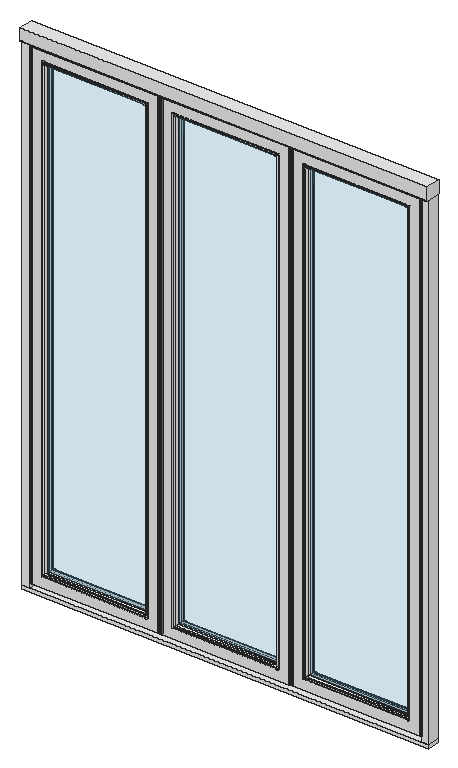
Revit family "Window-NanaWall-WA-67", category Windows, host Wall, Revit 2013 (continued)
Definition of nested family "Right-Jamb_WA-67"
  Definition of nested family "Right-Jamb_Nana_Walls-WD-67"
    Lines and regions (in)
      model lines, style "DetailComponents", in view "Ref. Level", visible <- "half"
        curve 358: line (-2.32283, -0.66779, 0) -> (-2.32283, -0.70716, 0)
        curve 359: line (-2.32283, -0.70716, 0) -> (-2.23736, -0.67605, 0)
        curve 360: line (-2.22441, -0.65755, 0) -> (-2.22441, -0.62842, 0)
        curve 361: line (-2.24409, -0.60874, 0) -> (-2.44094, -0.60874, 0)
        curve 362: line (-2.44094, -0.60874, 0) -> (-2.44094, -0.45203, 0)
        curve 363: line (-2.44094, -0.45203, 0) -> (-2.45276, -0.43157, 0)
        curve 364: line (-2.45276, -0.43157, 0) -> (-2.44094, -0.41111, 0)
        curve 365: line (-2.44094, -0.41111, 0) -> (-2.44094, -0.20152, 0)
        curve 366: line (-2.23736, 0.67905, 0) -> (-2.32283, 0.71016, 0)
        curve 367: line (-2.32283, 0.71016, 0) -> (-2.32283, 0.67079, 0)
        curve 368: line (-2.32283, 0.67079, 0) -> (-2.5, 0.67079, 0)
        curve 369: line (-2.5, 0.67079, 0) -> (-2.5, 0.76922, 0)
        curve 370: line (-2.44094, 0.20452, 0) -> (-2.44094, 0.41411, 0)
        curve 371: line (-2.44094, 0.41411, 0) -> (-2.45276, 0.43457, 0)
        curve 372: line (-2.45276, 0.43457, 0) -> (-2.44094, 0.45503, 0)
        curve 373: line (-2.44094, 0.45503, 0) -> (-2.44094, 0.61174, 0)
        curve 374: line (-2.44094, 0.61174, 0) -> (-2.24409, 0.61174, 0)
        curve 375: line (-2.22441, 0.63142, 0) -> (-2.22441, 0.66055, 0)
        curve 376: line (-2.51969, -0.25822, 0) -> (-2.51969, -0.62842, 0)
        curve 377: line (-2.51969, -0.62842, 0) -> (-2.65748, -0.62842, 0)
        curve 378: line (-2.65748, -0.80559, 0) -> (-2.53937, -0.80559, 0)
        curve 379: line (-2.69685, -0.66779, 0) -> (-2.53937, -0.66779, 0)
        curve 380: line (-2.53937, -0.66779, 0) -> (-2.53937, -0.76622, 0)
        curve 381: line (-2.53937, -0.76622, 0) -> (-2.61811, -0.76622, 0)
        curve 382: line (-2.65748, 0.63142, 0) -> (-2.51969, 0.63142, 0)
        curve 383: line (-2.51969, 0.63142, 0) -> (-2.51969, 0.26122, 0)
        curve 384: line (-2.66535, -0.19952, 0) -> (-2.66535, 0.20252, 0)
        curve 385: line (-2.73622, 0.27709, 0) -> (-2.73622, -0.27409, 0)
        curve 386: line (-2.47554, -0.11801, 0) -> (-2.49085, -0.10269, 0)
        curve 387: line (-2.69685, -0.31346, 0) -> (-2.68627, -0.31346, 0)
        curve 388: line (-2.49085, 0.10569, 0) -> (-2.47554, 0.12101, 0)
        curve 389: line (-2.68627, 0.31646, 0) -> (-2.69685, 0.31646, 0)
        curve 390: line (-2.53937, 0.80859, 0) -> (-2.65748, 0.80859, 0)
        curve 391: line (-2.61811, 0.76922, 0) -> (-2.53937, 0.76922, 0)
        curve 392: line (-2.53937, 0.76922, 0) -> (-2.53937, 0.67079, 0)
        curve 393: line (-2.53937, 0.67079, 0) -> (-2.69685, 0.67079, 0)
        curve 394: line (-2.22441, 1.00544, 0) -> (-2.22441, 0.9267, 0)
        curve 395: line (-2.22441, 0.9267, 0) -> (-2.41339, 0.9267, 0)
        curve 396: line (-5.01969, 1.30071, 0) -> (-2.22441, 1.30071, 0)
        curve 397: line (-2.22441, 1.30071, 0) -> (-2.22441, 1.22197, 0)
        curve 398: line (-2.48031, 0.99363, 0) -> (-2.48031, 1.22985, 0)
        curve 399: line (-2.48031, 1.22985, 0) -> (-2.73622, 1.22985, 0)
        curve 400: line (-2.73622, 1.22985, 0) -> (-2.73622, 1.16292, 0)
        curve 401: line (-2.41339, 1.24166, 0) -> (-2.41339, 0.98575, 0)
        curve 402: line (-2.24409, 1.20229, 0) -> (-2.26378, 1.20229, 0)
        curve 403: line (-2.26378, 1.20229, 0) -> (-2.26378, 1.26134, 0)
        curve 404: line (-2.26378, 1.26134, 0) -> (-2.31496, 1.26134, 0)
        curve 405: line (-2.31496, 1.26134, 0) -> (-2.31496, 1.21607, 0)
        curve 406: line (-2.31496, 1.21607, 0) -> (-2.33465, 1.21607, 0)
        curve 407: line (-2.35433, 1.23575, 0) -> (-2.35433, 1.26134, 0)
        curve 408: line (-2.35433, 1.26134, 0) -> (-2.3937, 1.26134, 0)
        curve 409: line (-2.33465, 1.01134, 0) -> (-2.31496, 1.01134, 0)
        curve 410: line (-2.31496, 1.01134, 0) -> (-2.31496, 0.96607, 0)
        curve 411: line (-2.31496, 0.96607, 0) -> (-2.26378, 0.96607, 0)
        curve 412: line (-2.26378, 0.96607, 0) -> (-2.26378, 1.02512, 0)
        curve 413: line (-2.26378, 1.02512, 0) -> (-2.24409, 1.02512, 0)
        curve 414: line (-2.3937, 0.96607, 0) -> (-2.35433, 0.96607, 0)
        curve 415: line (-2.35433, 0.96607, 0) -> (-2.35433, 0.99166, 0)
        curve 416: line (-3.77165, 1.16292, 0) -> (-3.77165, 1.22985, 0)
        curve 417: line (-3.77165, 1.22985, 0) -> (-4.39764, 1.22985, 0)
        curve 418: line (-4.39764, 1.22985, 0) -> (-4.39764, 0.90701, 0)
        curve 419: line (-4.39764, 0.90701, 0) -> (-4.3189, 0.90701, 0)
        curve 420: line (-4.27953, 0.76968, 0) -> (-4.27953, 0.86764, 0)
        curve 421: line (-4.39764, 0.25741, 0) -> (-4.39764, 0.86764, 0)
        curve 422: line (-4.39764, 0.86764, 0) -> (-4.3189, 0.86764, 0)
        curve 423: line (-4.3189, 0.86764, 0) -> (-4.3189, 0.80859, 0)
        curve 424: line (-4.3189, 0.80859, 0) -> (-4.33858, 0.80859, 0)
        curve 425: line (-4.58661, 1.12355, 0) -> (-4.58661, 1.04481, 0)
        curve 426: line (-4.54724, 1.04481, 0) -> (-4.54724, 1.10386, 0)
        curve 427: line (-4.54724, 1.10386, 0) -> (-4.4685, 1.10386, 0)
        curve 428: line (-4.4685, 1.10386, 0) -> (-4.4685, 0.57314, 0)
        curve 429: line (-4.4685, 0.57314, 0) -> (-4.45669, 0.55268, 0)
        curve 430: line (-4.45669, 0.55268, 0) -> (-4.4685, 0.53222, 0)
        curve 431: line (-4.4685, 0.53222, 0) -> (-4.4685, 0.37552, 0)
        curve 432: line (-4.34252, 0.80359, 0) -> (-4.31712, 0.7596, 0)
        curve 433: line (-4.4685, 0.37552, 0) -> (-4.52756, 0.37552, 0)
        curve 434: line (-4.58661, 0.31646, 0) -> (-4.58661, 0.23772, 0)
        curve 435: line (-4.58661, 0.23772, 0) -> (-4.52756, 0.23772, 0)
        curve 436: line (-4.52756, 0.23772, 0) -> (-4.52756, 0.31646, 0)
        curve 437: line (-4.52756, 0.31646, 0) -> (-4.43701, 0.31646, 0)
        curve 438: line (-4.43701, 0.31646, 0) -> (-4.43701, 0.25741, 0)
        curve 439: line (-3.7126, 1.10386, 0) -> (-3.59449, 1.10386, 0)
        curve 440: line (-3.59449, 1.10386, 0) -> (-3.59449, 1.14323, 0)
        curve 441: line (-3.59449, 1.14323, 0) -> (-3.7126, 1.14323, 0)
        curve 442: line (-3.7126, 1.14323, 0) -> (-3.7126, 1.22985, 0)
        curve 443: line (-3.7126, 1.22985, 0) -> (-2.79528, 1.22985, 0)
        curve 444: line (-2.79528, 1.22985, 0) -> (-2.79528, 1.14323, 0)
        curve 445: line (-2.79528, 1.14323, 0) -> (-2.91339, 1.14323, 0)
        curve 446: line (-2.91339, 1.14323, 0) -> (-2.91339, 1.10386, 0)
        curve 447: line (-2.91339, 1.10386, 0) -> (-2.79528, 1.10386, 0)
        curve 448: line (-5, 0.82827, 0) -> (-5.03937, 0.82827, 0)
        curve 449: line (-5.03937, 0.82827, 0) -> (-5.03937, 0.86764, 0)
        curve 450: line (-5.03937, 0.86764, 0) -> (-5.03937, 0.82827, 0)
        curve 451: line (-5.03937, 0.82827, 0) -> (-5, 0.82827, 0)
        curve 452: line (-5.2862, 0.82827, 0) -> (-5.19685, 0.82827, 0)
        curve 453: line (-5.19685, 0.82827, 0) -> (-5.29528, 0.82827, 0)
        curve 454: line (-5.29528, 0.82827, 0) -> (-5.29528, 1.02512, 0)
        curve 455: line (-4.95276, 1.16292, 0) -> (-4.95276, 1.22985, 0)
        curve 456: line (-4.95276, 1.22985, 0) -> (-5.01969, 1.22985, 0)
        curve 457: line (-5.22441, 1.02512, 0) -> (-5.22441, 1.01331, 0)
        curve 458: line (-5.21654, 1.00544, 0) -> (-5.00787, 1.00544, 0)
        curve 459: line (-5.00787, 0.86764, 0) -> (-5.03937, 0.86764, 0)
        curve 460: line (-5.03937, 0.86764, 0) -> (-5, 0.86764, 0)
        curve 461: line (-5, 0.86764, 0) -> (-5, 0.94638, 0)
        curve 462: line (-5, 0.94638, 0) -> (-5.23622, 0.94638, 0)
        curve 463: line (-5.23622, 0.94638, 0) -> (-5.23622, 0.86764, 0)
        curve 464: line (-5.23622, 0.86764, 0) -> (-5.19685, 0.86764, 0)
        curve 465: line (-5.19685, 0.86764, 0) -> (-5.19685, 0.82827, 0)
        curve 466: line (-5.19685, 0.82827, 0) -> (-5.19685, 0.86764, 0)
        curve 467: line (-5.19685, 0.86764, 0) -> (-5.22835, 0.86764, 0)
        curve 468: line (-4.8937, 1.10386, 0) -> (-4.81496, 1.10386, 0)
        curve 469: line (-4.81496, 1.10386, 0) -> (-4.81496, 1.14323, 0)
        curve 470: line (-4.81496, 1.14323, 0) -> (-4.8937, 1.14323, 0)
        curve 471: line (-4.8937, 1.14323, 0) -> (-4.8937, 1.22985, 0)
        curve 472: line (-4.8937, 1.22985, 0) -> (-4.48819, 1.22985, 0)
        curve 473: line (-4.48819, 1.22985, 0) -> (-4.48819, 1.14323, 0)
        curve 474: line (-4.48819, 1.14323, 0) -> (-4.56693, 1.14323, 0)
        curve 475: line (-4.94882, 0.94638, 0) -> (-4.94882, 0.87945, 0)
        curve 476: line (-2.32283, -1.29771, 0) -> (-4.50787, -1.29771, 0)
        curve 477: line (-2.22441, -0.90401, 0) -> (-2.22441, -1.19929, 0)
        curve 478: line (-2.30315, -0.82527, 0) -> (-2.77559, -0.82527, 0)
        curve 479: line (-2.77559, -0.82527, 0) -> (-2.77559, -0.62842, 0)
        curve 480: line (-2.77559, -0.62842, 0) -> (-2.51969, -0.62842, 0)
        curve 481: line (-2.51969, -0.62842, 0) -> (-2.51969, -0.31346, 0)
        curve 482: line (-2.51969, -0.31346, 0) -> (-2.77559, -0.31346, 0)
        curve 483: line (-2.77559, -0.31346, 0) -> (-2.77559, 0.31646, 0)
        curve 484: line (-2.77559, 0.31646, 0) -> (-2.51969, 0.31646, 0)
        curve 485: line (-2.51969, 0.31646, 0) -> (-2.51969, 0.63142, 0)
        curve 486: line (-2.51969, 0.63142, 0) -> (-2.81496, 0.63142, 0)
        curve 487: line (-2.81496, 0.63142, 0) -> (-2.81496, 0.82827, 0)
        curve 488: line (-2.91339, 0.9267, 0) -> (-3.99484, 0.9267, 0)
        curve 489: line (-3.99484, 0.9267, 0) -> (-4.11417, 0.67079, 0)
        curve 490: line (-4.11417, 0.67079, 0) -> (-4.11417, 0.33922, 0)
        curve 491: line (-4.11417, 0.33922, 0) -> (-4.27165, 0.0015, 0)
        curve 492: line (-4.27165, 0.0015, 0) -> (-4.58661, 0.0015, 0)
        curve 493: line (-4.58661, 0.0015, 0) -> (-4.58661, -0.80875, 0)
        curve 494: line (-4.48819, -0.85914, 0) -> (-4.48819, -0.96856, 0)
        curve 495: line (-4.48819, -0.96856, 0) -> (-4.48819, -0.85914, 0)
        curve 496: line (-4.57035, -0.99957, 0) -> (-4.50446, -0.98795, 0)
        curve 497: line (-4.58661, -1.05811, 0) -> (-4.58661, -1.01896, 0)
        curve 498: line (-4.58661, -1.01896, 0) -> (-4.58661, -1.21897, 0)
        curve 499: line (-4.57035, -0.82814, 0) -> (-4.50446, -0.83976, 0)
        curve 616: line (-4.58661, -0.37252, 0) -> (-4.58661, -1.27803, 0)
        curve 617: line (-4.58661, -1.27803, 0) -> (-4.94434, -1.27803, 0)
        curve 618: arc (-4.94434, -1.27803, 0) -> (-5.09618, -1.22276, 0) -> (-5.17697, -1.08283, 0) r 0.23622
        curve 619: line (-5.17697, -1.08283, 0) -> (-5.29528, -0.53, 0)
        curve 620: line (-5.29528, -0.53, 0) -> (-4.98031, -0.53, 0)
        curve 621: line (-4.98031, -0.53, 0) -> (-4.98031, -0.37252, 0)
        curve 622: line (-4.98031, -0.37252, 0) -> (-4.58661, -0.37252, 0)
        curve 623: line (-4.58661, -0.37252, 0) -> (-4.58661, -1.19929, 0)
        curve 624: line (-4.66535, -1.27803, 0) -> (-4.94434, -1.27803, 0)
        curve 625: arc (-4.58661, -1.19929, 0) -> (-4.60968, -1.25497, 0) -> (-4.66535, -1.27803, 0) r 0.07874
      model lines, style "DetailComponents", in view "Ref. Level"
        curve 133: arc (-1.23228, 0.69048, 0) -> (-1.19053, 0.70777, 0) -> (-1.17323, 0.74953, 0) r 0.05906
        curve 134: arc (-1.19291, 1.10386, 0) -> (-1.23467, 1.08656, 0) -> (-1.25197, 1.04481, 0) r 0.05906
        curve 135: arc (-0.90157, 1.14323, 0) -> (-0.89004, 1.11539, 0) -> (-0.8622, 1.10386, 0) r 0.03937
        curve 136: arc (-0.90157, 1.17473, 0) -> (-0.91206, 1.20832, 0) -> (-0.9398, 1.22999, 0) r 0.05906
        curve 137: arc (-0.43028, 1.22999, 0) -> (-0.45802, 1.20832, 0) -> (-0.4685, 1.17473, 0) r 0.05906
        curve 138: arc (-0.50787, 1.10386, 0) -> (-0.48004, 1.11539, 0) -> (-0.4685, 1.14323, 0) r 0.03937
        curve 139: arc (-1.1378, 1.1826, 0) -> (-1.12857, 1.16033, 0) -> (-1.1063, 1.15111, 0) r 0.0315
        curve 140: line (-1.07576, 1.15111, 0) -> (-1.10952, 1.1826, 0)
        curve 141: line (-1.10952, 1.20229, 0) -> (-1.09196, 1.22999, 0)
        curve 142: arc (-1.12129, 1.22999, 0) -> (-1.13336, 1.21841, 0) -> (-1.1378, 1.20229, 0) r 0.0315
        curve 143: arc (-0.23228, 1.20229, 0) -> (-0.23672, 1.21841, 0) -> (-0.24879, 1.22999, 0) r 0.0315
        curve 144: line (-0.27812, 1.22999, 0) -> (-0.26055, 1.20229, 0)
        curve 145: arc (-0.26378, 1.15111, 0) -> (-0.24151, 1.16033, 0) -> (-0.23228, 1.1826, 0) r 0.0315
        curve 146: line (-0.26055, 1.1826, 0) -> (-0.29432, 1.15111, 0)
        curve 147: arc (-0.08661, 0.59205, 0) -> (-0.05738, 0.63004, 0) -> (-0.03673, 0.67329, 0) r 0.22835
        curve 148: arc (-0.03673, 0.82578, 0) -> (-0.05738, 0.86903, 0) -> (-0.08661, 0.90701, 0) r 0.22835
        curve 149: line (-0.0367, 0.68289, 0) -> (-0.03673, 0.67329, 0)
        curve 150: line (-0.03673, 0.74953, 0) -> (-0.0367, 0.71265, 0)
        curve 151: line (-0.0367, 0.78641, 0) -> (-0.03673, 0.74953, 0)
        curve 205: line (-1.39764, 0.76134, 0) -> (-1.39764, 0.70622, 0)
        curve 206: line (-1.39764, 0.70622, 0) -> (-1.38189, 0.69048, 0)
        curve 207: line (-1.38189, 0.69048, 0) -> (-1.23228, 0.69048, 0)
        curve 208: line (-1.17323, 0.74953, 0) -> (-1.17323, 1.10386, 0)
        curve 209: line (-1.29528, 0.77709, 0) -> (-1.19291, 0.77709, 0)
        curve 210: line (-1.25197, 0.77709, 0) -> (-1.25197, 1.04481, 0)
        curve 211: line (-0.90157, 1.14323, 0) -> (-0.90157, 1.17473, 0)
        curve 212: line (-1.19291, 1.10386, 0) -> (-0.98031, 1.10386, 0)
        curve 213: line (-0.98031, 1.10386, 0) -> (-0.98031, 1.15111, 0)
        curve 214: line (-0.98031, 1.15111, 0) -> (-1.1063, 1.15111, 0)
        curve 215: line (-0.50787, 1.10386, 0) -> (-0.8622, 1.10386, 0)
        curve 216: line (-0.4685, 1.14323, 0) -> (-0.4685, 1.17473, 0)
        curve 217: line (-0.58661, 1.10386, 0) -> (-0.58661, 1.22985, 0)
        curve 218: line (-0.58661, 1.22985, 0) -> (-0.78346, 1.22985, 0)
        curve 219: line (-0.78346, 1.22985, 0) -> (-0.78346, 1.10386, 0)
        curve 220: line (-0.26378, 1.15111, 0) -> (-0.38976, 1.15111, 0)
        curve 221: line (-0.38976, 1.15111, 0) -> (-0.38976, 0.9267, 0)
        curve 222: line (-1.10952, 1.1826, 0) -> (-1.10952, 1.20229, 0)
        curve 223: line (-1.1378, 1.1826, 0) -> (-1.1378, 1.20229, 0)
        curve 224: line (-0.26055, 1.1826, 0) -> (-0.26055, 1.20229, 0)
        curve 225: line (-0.23228, 1.1826, 0) -> (-0.23228, 1.20229, 0)
        curve 226: line (-1.01969, 1.10386, 0) -> (-1.01969, 1.15111, 0)
        curve 227: line (-0.35039, 1.15111, 0) -> (-0.35039, 1.02512, 0)
        curve 228: line (-0.35039, 1.02512, 0) -> (-0.35979, 1.02512, 0)
        curve 229: line (-0.35979, 1.02512, 0) -> (-0.35979, 0.9267, 0)
        curve 230: line (-0.35979, 0.9267, 0) -> (-1.17323, 0.9267, 0)
        curve 231: line (-0.43028, 1.22999, 0) -> (-0.24879, 1.22999, 0)
        curve 232: line (-0.9398, 1.22999, 0) -> (-1.12129, 1.22999, 0)
        curve 233: line (-0.0367, 0.71265, 0) -> (-0.03008, 0.71139, 0)
        curve 234: line (-0.03008, 0.71139, 0) -> (-0.03177, 0.70235, 0)
        curve 235: line (-0.03177, 0.70235, 0) -> (-0.03393, 0.69293, 0)
        curve 236: line (-0.03393, 0.69293, 0) -> (-0.0367, 0.68289, 0)
        curve 237: line (-0.1378, 0.59205, 0) -> (-0.08661, 0.59205, 0)
        curve 238: line (-0.08661, 0.59205, 0) -> (-0.08661, 0.90701, 0)
        curve 239: line (-0.08661, 0.90701, 0) -> (-0.1378, 0.90701, 0)
        curve 240: line (-0.1378, 0.72907, 0) -> (-0.1378, 0.76999, 0)
        curve 241: line (-0.0367, 0.81617, 0) -> (-0.0339, 0.80598, 0)
        curve 242: line (-0.0339, 0.80598, 0) -> (-0.03174, 0.79656, 0)
        curve 243: line (-0.03174, 0.79656, 0) -> (-0.03008, 0.78767, 0)
        curve 244: line (-0.03008, 0.78767, 0) -> (-0.0367, 0.78641, 0)
        curve 310: arc (-1.49606, 0.20452, 0) -> (-1.48707, 0.15932, 0) -> (-1.46147, 0.12101, 0) r 0.11811
        curve 311: arc (-1.46147, -0.11801, 0) -> (-1.48707, -0.15632, 0) -> (-1.49606, -0.20152, 0) r 0.11811
        curve 312: arc (-1.69291, -0.60874, 0) -> (-1.70683, -0.6145, 0) -> (-1.7126, -0.62842, 0) r 0.01969
        curve 313: arc (-1.7126, -0.65755, 0) -> (-1.70904, -0.66885, 0) -> (-1.69965, -0.67605, 0) r 0.01969
        curve 314: arc (-1.69965, 0.67905, 0) -> (-1.70904, 0.67184, 0) -> (-1.7126, 0.66055, 0) r 0.01969
        curve 315: arc (-1.7126, 0.63142, 0) -> (-1.70683, 0.6175, 0) -> (-1.69291, 0.61174, 0) r 0.01969
        curve 316: arc (-1.27953, -0.80559, 0) -> (-1.29106, -0.77775, 0) -> (-1.3189, -0.76622, 0) r 0.03937
        curve 317: arc (-1.43701, -0.76622, 0) -> (-1.42548, -0.79406, 0) -> (-1.39764, -0.80559, 0) r 0.03937
        curve 318: arc (-1.24016, -0.66779, 0) -> (-1.25169, -0.63995, 0) -> (-1.27953, -0.62842, 0) r 0.03937
        curve 319: arc (-1.4147, -0.10766, 0) -> (-1.42916, -0.09717, 0) -> (-1.44615, -0.10269, 0) r 0.01969
        curve 320: arc (-1.3982, -0.24895, 0) -> (-1.32861, -0.29066, 0) -> (-1.25074, -0.31346, 0) r 0.3189
        curve 321: arc (-1.4147, -0.10766, 0) -> (-1.36643, -0.1724, 0) -> (-1.29942, -0.21747, 0) r 0.24016
        curve 322: arc (-1.3982, -0.24895, 0) -> (-1.41067, -0.2476, 0) -> (-1.41732, -0.25822, 0) r 0.01181
        curve 323: arc (-1.24016, -0.31346, 0) -> (-1.21232, -0.30193, 0) -> (-1.20079, -0.27409, 0) r 0.03937
        curve 324: arc (-1.29942, -0.21747, 0) -> (-1.28065, -0.21605, 0) -> (-1.27165, -0.19952, 0) r 0.01969
        curve 325: arc (-1.29942, 0.22047, 0) -> (-1.36643, 0.17539, 0) -> (-1.4147, 0.11066, 0) r 0.24016
        curve 326: arc (-1.25074, 0.31646, 0) -> (-1.32861, 0.29366, 0) -> (-1.3982, 0.25195, 0) r 0.3189
        curve 327: arc (-1.44615, 0.10569, 0) -> (-1.42916, 0.10017, 0) -> (-1.4147, 0.11066, 0) r 0.01969
        curve 328: arc (-1.41732, 0.26122, 0) -> (-1.41067, 0.2506, 0) -> (-1.3982, 0.25195, 0) r 0.01181
        curve 329: arc (-1.20079, 0.27709, 0) -> (-1.21232, 0.30493, 0) -> (-1.24016, 0.31646, 0) r 0.03937
        curve 330: arc (-1.27165, 0.20252, 0) -> (-1.28065, 0.21905, 0) -> (-1.29942, 0.22047, 0) r 0.01969
        curve 331: arc (-1.3189, 0.76922, 0) -> (-1.29106, 0.78075, 0) -> (-1.27953, 0.80859, 0) r 0.03937
        curve 332: arc (-1.39764, 0.80859, 0) -> (-1.42548, 0.79706, 0) -> (-1.43701, 0.76922, 0) r 0.03937
        curve 333: arc (-1.27953, 0.63142, 0) -> (-1.25169, 0.64295, 0) -> (-1.24016, 0.67079, 0) r 0.03937
        curve 334: arc (-0.11811, 1.26134, 0) -> (-0.13203, 1.25558, 0) -> (-0.1378, 1.24166, 0) r 0.01969
        curve 335: arc (-0.1378, 0.98575, 0) -> (-0.13203, 0.97183, 0) -> (-0.11811, 0.96607, 0) r 0.01969
        curve 336: arc (0.05906, 1.00544, 0) -> (0.05329, 1.01936, 0) -> (0.03937, 1.02512, 0) r 0.01969
        curve 337: arc (0.03937, 1.20229, 0) -> (0.05329, 1.20805, 0) -> (0.05906, 1.22197, 0) r 0.01969
        curve 338: arc (-0.05118, 1.01134, 0) -> (-0.0651, 1.00558, 0) -> (-0.07087, 0.99166, 0) r 0.01969
        curve 339: arc (-0.07087, 1.23575, 0) -> (-0.0651, 1.22183, 0) -> (-0.05118, 1.21607, 0) r 0.01969
        curve 340: arc (-0.19685, 0.59205, 0) -> (-0.21654, 0.57237, 0) -> (-0.19685, 0.55268, 0) r 0.01969
        curve 341: arc (-1.52362, 0.9267, 0) -> (-1.4763, 0.9463, 0) -> (-1.45669, 0.99363, 0) r 0.06693
        curve 342: arc (-1.20079, 1.16292, 0) -> (-1.18349, 1.12116, 0) -> (-1.14173, 1.10386, 0) r 0.05906
        curve 343: arc (-1.54331, 0.96607, 0) -> (-1.52939, 0.97183, 0) -> (-1.52362, 0.98575, 0) r 0.01969
        curve 344: arc (-1.58268, 0.99166, 0) -> (-1.58844, 1.00558, 0) -> (-1.60236, 1.01134, 0) r 0.01969
        curve 345: arc (-1.52362, 1.24166, 0) -> (-1.52939, 1.25558, 0) -> (-1.54331, 1.26134, 0) r 0.01969
        curve 346: arc (-1.60236, 1.21607, 0) -> (-1.58844, 1.22183, 0) -> (-1.58268, 1.23575, 0) r 0.01969
        curve 347: arc (-1.69291, 1.02512, 0) -> (-1.70683, 1.01936, 0) -> (-1.7126, 1.00544, 0) r 0.01969
        curve 348: arc (-1.7126, 1.22197, 0) -> (-1.70683, 1.20805, 0) -> (-1.69291, 1.20229, 0) r 0.01969
        curve 349: arc (-1.7126, -1.20079, 0) -> (-1.68377, -1.27038, 0) -> (-1.61417, -1.29921, 0) r 0.09843
        curve 350: arc (-1.63386, -0.82677, 0) -> (-1.68954, -0.84983, 0) -> (-1.7126, -0.90551, 0) r 0.07874
        curve 351: arc (-1.02362, 0.9252, 0) -> (-1.09322, 0.89637, 0) -> (-1.12205, 0.82677, 0) r 0.09843
        curve 352: arc (-0.19685, 0.82677, 0) -> (-0.22568, 0.89637, 0) -> (-0.29528, 0.9252, 0) r 0.09843
        curve 353: arc (-0.21982, 0.62992, 0) -> (-0.20336, 0.63931, 0) -> (-0.19685, 0.65709, 0) r 0.02756
        curve 354: arc (-0.23622, 0.57087, 0) -> (-0.23045, 0.55695, 0) -> (-0.21654, 0.55118, 0) r 0.01969
        curve 355: arc (-0.21982, 0.62992, 0) -> (-0.23157, 0.62322, 0) -> (-0.23622, 0.61051, 0) r 0.01969
        curve 500: line (-1.43701, -0.76622, 0) -> (-1.43701, -0.66779, 0)
        curve 501: line (-1.43701, -0.66779, 0) -> (-1.61417, -0.66779, 0)
        curve 502: line (-1.61417, -0.66779, 0) -> (-1.61417, -0.70716, 0)
        curve 503: line (-1.61417, -0.70716, 0) -> (-1.69965, -0.67605, 0)
        curve 504: line (-1.7126, -0.65755, 0) -> (-1.7126, -0.62842, 0)
        curve 505: line (-1.69291, -0.60874, 0) -> (-1.49606, -0.60874, 0)
        curve 506: line (-1.49606, -0.60874, 0) -> (-1.49606, -0.45203, 0)
        curve 507: line (-1.49606, -0.45203, 0) -> (-1.48425, -0.43157, 0)
        curve 508: line (-1.48425, -0.43157, 0) -> (-1.49606, -0.41111, 0)
        curve 509: line (-1.49606, -0.41111, 0) -> (-1.49606, -0.20152, 0)
        curve 510: line (-1.69965, 0.67905, 0) -> (-1.61417, 0.71016, 0)
        curve 511: line (-1.61417, 0.71016, 0) -> (-1.61417, 0.67079, 0)
        curve 512: line (-1.61417, 0.67079, 0) -> (-1.43701, 0.67079, 0)
        curve 513: line (-1.43701, 0.67079, 0) -> (-1.43701, 0.76922, 0)
        curve 514: line (-1.49606, 0.20452, 0) -> (-1.49606, 0.41411, 0)
        curve 515: line (-1.49606, 0.41411, 0) -> (-1.48425, 0.43457, 0)
        curve 516: line (-1.48425, 0.43457, 0) -> (-1.49606, 0.45503, 0)
        curve 517: line (-1.49606, 0.45503, 0) -> (-1.49606, 0.61174, 0)
        curve 518: line (-1.49606, 0.61174, 0) -> (-1.69291, 0.61174, 0)
        curve 519: line (-1.7126, 0.63142, 0) -> (-1.7126, 0.66055, 0)
        curve 520: line (-1.41732, -0.25822, 0) -> (-1.41732, -0.62842, 0)
        curve 521: line (-1.41732, -0.62842, 0) -> (-1.27953, -0.62842, 0)
        curve 522: line (-1.27953, -0.80559, 0) -> (-1.39764, -0.80559, 0)
        curve 523: line (-1.24016, -0.66779, 0) -> (-1.39764, -0.66779, 0)
        curve 524: line (-1.39764, -0.66779, 0) -> (-1.39764, -0.76622, 0)
        curve 525: line (-1.39764, -0.76622, 0) -> (-1.3189, -0.76622, 0)
        curve 526: line (-1.27953, 0.63142, 0) -> (-1.41732, 0.63142, 0)
        curve 527: line (-1.41732, 0.63142, 0) -> (-1.41732, 0.26122, 0)
        curve 528: line (-1.27165, -0.19952, 0) -> (-1.27165, 0.20252, 0)
        curve 529: line (-1.20079, 0.27709, 0) -> (-1.20079, -0.27409, 0)
        curve 530: line (-1.46147, -0.11801, 0) -> (-1.44615, -0.10269, 0)
        curve 531: line (-1.24016, -0.31346, 0) -> (-1.25074, -0.31346, 0)
        curve 532: line (-1.44615, 0.10569, 0) -> (-1.46147, 0.12101, 0)
        curve 533: line (-1.25074, 0.31646, 0) -> (-1.24016, 0.31646, 0)
        curve 534: line (-1.39764, 0.80859, 0) -> (-1.27953, 0.80859, 0)
        curve 535: line (-1.3189, 0.76922, 0) -> (-1.39764, 0.76922, 0)
        curve 536: line (-1.39764, 0.76922, 0) -> (-1.39764, 0.67079, 0)
        curve 537: line (-1.39764, 0.67079, 0) -> (-1.24016, 0.67079, 0)
        curve 538: line (0.05906, 1.22197, 0) -> (0.05906, 1.30071, 0)
        curve 539: line (0.05906, 1.30071, 0) -> (-1.7126, 1.30071, 0)
        curve 540: line (-1.7126, 1.30071, 0) -> (-1.7126, 1.22197, 0)
        curve 541: line (-0.05118, 1.01134, 0) -> (-0.0315, 1.01134, 0)
        curve 542: line (-0.0315, 1.01134, 0) -> (-0.0315, 0.96607, 0)
        curve 543: line (-0.0315, 0.96607, 0) -> (0.01969, 0.96607, 0)
        curve 544: line (0.01969, 0.96607, 0) -> (0.01969, 1.02512, 0)
        curve 545: line (0.01969, 1.02512, 0) -> (0.03937, 1.02512, 0)
        curve 546: line (-0.11811, 0.96607, 0) -> (-0.07087, 0.96607, 0)
        curve 547: line (-0.07087, 0.96607, 0) -> (-0.07087, 0.99166, 0)
        curve 548: line (-0.05118, 1.21607, 0) -> (-0.0315, 1.21607, 0)
        curve 549: line (-0.0315, 1.21607, 0) -> (-0.0315, 1.26134, 0)
        curve 550: line (-0.0315, 1.26134, 0) -> (0.01969, 1.26134, 0)
        curve 551: line (0.01969, 1.26134, 0) -> (0.01969, 1.20229, 0)
        curve 552: line (0.01969, 1.20229, 0) -> (0.03937, 1.20229, 0)
        curve 553: line (-0.11811, 1.26134, 0) -> (-0.07087, 1.26134, 0)
        curve 554: line (-0.07087, 1.26134, 0) -> (-0.07087, 1.23575, 0)
        curve 555: line (0.05906, 1.00544, 0) -> (0.05906, 0.9267, 0)
        curve 556: line (0.05906, 0.9267, 0) -> (-0.1378, 0.9267, 0)
        curve 557: line (-0.1378, 0.9267, 0) -> (-0.1378, 0.76999, 0)
        curve 558: line (-0.1378, 0.76999, 0) -> (-0.14961, 0.74953, 0)
        curve 559: line (-0.14961, 0.74953, 0) -> (-0.1378, 0.72907, 0)
        curve 560: line (-0.1378, 0.72907, 0) -> (-0.1378, 0.55268, 0)
        curve 561: line (-0.1378, 0.55268, 0) -> (-0.19685, 0.55268, 0)
        curve 562: line (-0.19685, 0.59205, 0) -> (-0.19685, 1.10386, 0)
        curve 563: line (-0.19685, 1.10386, 0) -> (-0.34252, 1.10386, 0)
        curve 564: line (-0.34252, 1.10386, 0) -> (-0.34252, 1.14323, 0)
        curve 565: line (-0.34252, 1.14323, 0) -> (-0.22441, 1.14323, 0)
        curve 566: line (-0.22441, 1.14323, 0) -> (-0.22441, 1.22985, 0)
        curve 567: line (-0.22441, 1.22985, 0) -> (-1.14173, 1.22985, 0)
        curve 568: line (-1.14173, 1.22985, 0) -> (-1.14173, 1.14323, 0)
        curve 569: line (-1.14173, 1.14323, 0) -> (-1.02362, 1.14323, 0)
        curve 570: line (-1.02362, 1.14323, 0) -> (-1.02362, 1.10386, 0)
        curve 571: line (-1.02362, 1.10386, 0) -> (-1.14173, 1.10386, 0)
        curve 572: line (-0.1378, 1.24166, 0) -> (-0.1378, 0.98575, 0)
        curve 573: line (-1.45669, 0.99363, 0) -> (-1.45669, 1.22985, 0)
        curve 574: line (-1.45669, 1.22985, 0) -> (-1.20079, 1.22985, 0)
        curve 575: line (-1.20079, 1.22985, 0) -> (-1.20079, 1.16292, 0)
        curve 576: line (-1.7126, 1.00544, 0) -> (-1.7126, 0.9267, 0)
        curve 577: line (-1.7126, 0.9267, 0) -> (-1.52362, 0.9267, 0)
        curve 578: line (-1.52362, 1.24166, 0) -> (-1.52362, 0.98575, 0)
        curve 579: line (-1.54331, 0.96607, 0) -> (-1.58268, 0.96607, 0)
        curve 580: line (-1.58268, 0.96607, 0) -> (-1.58268, 0.99166, 0)
        curve 581: line (-1.58268, 1.23575, 0) -> (-1.58268, 1.26134, 0)
        curve 582: line (-1.58268, 1.26134, 0) -> (-1.54331, 1.26134, 0)
        curve 583: line (-1.60236, 1.01134, 0) -> (-1.62205, 1.01134, 0)
        curve 584: line (-1.62205, 1.01134, 0) -> (-1.62205, 0.96607, 0)
        curve 585: line (-1.62205, 0.96607, 0) -> (-1.67323, 0.96607, 0)
        curve 586: line (-1.67323, 0.96607, 0) -> (-1.67323, 1.02512, 0)
        curve 587: line (-1.67323, 1.02512, 0) -> (-1.69291, 1.02512, 0)
        curve 588: line (-1.69291, 1.20229, 0) -> (-1.67323, 1.20229, 0)
        curve 589: line (-1.67323, 1.20229, 0) -> (-1.67323, 1.26134, 0)
        curve 590: line (-1.67323, 1.26134, 0) -> (-1.62205, 1.26134, 0)
        curve 591: line (-1.62205, 1.26134, 0) -> (-1.62205, 1.21607, 0)
        curve 592: line (-1.62205, 1.21607, 0) -> (-1.60236, 1.21607, 0)
        curve 593: line (-0.03937, -1.29921, 0) -> (-1.61417, -1.29921, 0)
        curve 594: line (-1.7126, -1.20079, 0) -> (-1.7126, -0.90551, 0)
        curve 595: line (-0.29528, 0.9252, 0) -> (-1.02362, 0.9252, 0)
        curve 596: line (-0.23622, 0.57087, 0) -> (-0.23622, 0.61051, 0)
        curve 597: line (-0.19685, 0.65709, 0) -> (-0.19685, 0.82677, 0)
        curve 598: line (-1.12205, 0.82677, 0) -> (-1.12205, 0.62992, 0)
        curve 599: line (-1.12205, 0.62992, 0) -> (-1.41732, 0.62992, 0)
        curve 600: line (-1.41732, 0.62992, 0) -> (-1.41732, 0.31496, 0)
        curve 601: line (-1.41732, 0.31496, 0) -> (-1.16142, 0.31496, 0)
        curve 602: line (-1.16142, 0.31496, 0) -> (-1.16142, -0.31496, 0)
        curve 603: line (-1.16142, -0.31496, 0) -> (-1.41732, -0.31496, 0)
        curve 604: line (-1.41732, -0.31496, 0) -> (-1.41732, -0.62992, 0)
        curve 605: line (-1.41732, -0.62992, 0) -> (-1.16142, -0.62992, 0)
        curve 606: line (-1.16142, -0.62992, 0) -> (-1.16142, -0.82677, 0)
        curve 607: line (-1.16142, -0.82677, 0) -> (-1.63386, -0.82677, 0)
        curve 608: line (0.05906, -1.20079, 0) -> (0.05906, -0.3937, 0)
        curve 609: line (0.05906, -0.3937, 0) -> (-0.17717, -0.3937, 0)
        curve 610: line (-0.17717, -0.3937, 0) -> (-0.17717, 0.3937, 0)
        curve 611: line (-0.17717, 0.3937, 0) -> (0.05906, 0.3937, 0)
        curve 612: line (0.05906, 0.3937, 0) -> (0.05906, 0.5315, 0)
        curve 613: line (0.05906, 0.5315, 0) -> (0.03937, 0.55118, 0)
        curve 614: line (0.03937, 0.55118, 0) -> (-0.21654, 0.55118, 0)
        curve 615: arc (-0.03937, -1.29921, 0) -> (0.03023, -1.27038, 0) -> (0.05906, -1.20079, 0) r 0.09843
      detail lines, in view "Ref. Level"
        curve 626: line (-1.61417, -1.29921, 0) -> (-0.03937, -1.29921, 0)
    Dimensions and locks (in)
      aligned: curve 502 to curve 626
      aligned: curve 626 to curve 593
Definition of nested family "Sash_WA-67_NanaWall"
  Parameters (values of type "Sash_WA-67_NanaWall")
    Width = 2' - 6.81771"
    Sash = none
    Height = 9' - 6"
    Glass = Glass - NanaWall - Generic
    Filler = none
    Depth = 0' - 2 77/128"
    Assembly Code = ""
  Types (2): name | Width
    Sash_WA-67_NanaWall | 2' - 6.81771"
    Sash_WA-67_NanaWall Full | 7' - 8 29/64"
  Reference planes (in)
    plane 1 "Center (Front/Back)": y = -8.125
    plane 2: z = 0
    plane 3 "Center (Left/Right)": x = 0.01235
    plane 4 "Interior": y = -6.82422
    plane 5 "Exterior": y = -9.42578
    plane 6 "Left": x = -15.39651
    plane 7 "Right": x = 15.4212
    plane 8 "Left Interior Edge of Sash": x = -11.74888
    plane 9 "Interior Edge of Glass": y = -7.75092
    plane 10 "Exterior Edge of Glass": y = -8.79422
    plane 11 "Left Edge": x = -12.53013
    plane 12 "Right Interior Edge of Sash": x = 11.77276
    plane 13 "Right Edge": x = 12.55401
    plane 14 "Left Interior Edge of Filler": x = -14.8847
    plane 15 "Top": z = 114
    plane 16 "Top Interior Edge of Filler": z = 113.48819
    plane 17 "Bottom Interior Edge of Filler": z = 1.33203
    plane 18 "Right Interior Edge of Filler": x = 14.90948
    plane 19 "Top Edge": z = 110.59366
    plane 20 "Bottom Edge of Glass": z = 2.87053
    plane 21 "Left Edge of Glass": x = -12.34263
    plane 22 "Right Edge of Glass": x = 12.36651
    plane 23 "Top Edge Of Glass": z = 110.40616
    plane 24: z = 3.43303
    plane 25: z = 111.13363
    plane 26: z = 2.628
  Forms (in)
    Sweep 1, solid, material <- "Sash"
      path origin (0, -8.125, 0) x (1, 0, 0) y (0, 0, -1)
        loop
          line (-14.8847, -113.48819) -> (14.90948, -113.48819) -> (14.90948, 0) -> (-14.8847, 0) -> (-14.8847, -113.48819)
      profile origin (-14.8847, -8.125, 56.74409) x (0, 1, 0) y (-1, 0, 0)
        loop
          line (1.29883, 0) -> (-1.29883, 0) -> (-1.29883, -2.80943)
          arc (-1.29883, -2.80943) -> (-1.21371, -2.99573) -> (-1.02355, -3.07184) r 0.27559
          line (-1.02355, -3.07184) -> (-0.8267, -3.07184)
          arc (-0.8267, -3.07184) -> (-0.75447, -3.12121) -> (-0.66922, -3.14091) r 0.23622
          line (-0.66922, -3.14091) -> (-0.66922, -2.36318) -> (0.37408, -2.36318) -> (0.37408, -3.14531)
          arc (0.37408, -3.14531) -> (0.49172, -3.11478) -> (0.59853, -3.05681) r 0.50072
          arc (0.59853, -3.05681) -> (0.85046, -3.00784) -> (1.10052, -2.95011) r 7.3527
          arc (1.10052, -2.95011) -> (1.22952, -2.86634) -> (1.2796, -2.72091) r 0.23622
          line (1.2796, -2.72091) -> (1.2796, -2.44192)
          arc (1.2796, -2.44192) -> (1.25653, -2.38624) -> (1.20086, -2.36318) r 0.07874
          arc (1.20086, -2.36318) -> (1.26499, -2.34914) -> (1.29883, -2.29288) r 0.08295
          line (1.29883, -2.29288) -> (1.29883, 0)
    Extrusion 2, solid, material "Glass - NanaWall - Generic" <- "Glass"
      sketch origin (0.01235, 0, 0) x (0, 1, 0) y (0, 0, 1)
        loop
          line (-7.75092, 2.87053) -> (-7.75092, 110.40616) -> (-8.79422, 110.40616) -> (-8.79422, 2.87053) -> (-7.75092, 2.87053)
      from -12.35498 to 12.35417
    Sweep 3, solid, material <- "Filler"
      path origin (0, -8.125, 0) x (1, 0, 0) y (0, 0, 1)
        loop
          line (14.90948, 0) -> (14.90948, 113.48819) -> (-14.8847, 113.48819) -> (-14.8847, 0)
      profile origin (-14.8847, -8.125, 56.74409) x (0, -1, 0) y (1, 0, 0)
        loop
          line (-1.30078, -0.51181) -> (1.30078, -0.51181) -> (1.30078, 0) -> (-1.30078, 0) -> (-1.30078, -0.51181)
  Lines and regions (in)
    Masking region 1, detail levels medium+fine
      outline origin (0, 0, 0) x (1, 0, 0) y (0, 1, 0)
        loop
          line (-15.39651, -6.82422) -> (-15.39651, -9.42578) -> (-14.8847, -9.42578) -> (-14.8847, -6.82422) -> (-15.39651, -6.82422)
    Masking region 2, detail levels medium+fine
      outline origin (0, 0, 0) x (1, 0, 0) y (0, 1, 0)
        loop
          line (15.4212, -6.82422) -> (14.90948, -6.82422) -> (14.90948, -9.42578) -> (15.4212, -9.42578) -> (15.4212, -6.82422)
    Masking region 3
      outline origin (0, 0, 0) x (1, 0, 0) y (0, 1, 0)
        loop
          line (-12.34263, -7.75092) -> (-12.34263, -8.79422) -> (12.36651, -8.79422) -> (12.36651, -7.75092) -> (-12.34263, -7.75092)
    Masking region 4
      outline origin (0, 0, 0) x (1, 0, 0) y (0, 1, 0)
        loop
          line (-15.39651, -6.82422) -> (-15.39651, -9.42578) -> (-12.08844, -9.42578)
          arc (-12.08844, -9.42578) -> (-11.89358, -9.34506) -> (-11.81286, -9.1502) r 0.27559
          line (-11.81286, -9.1502) -> (-11.81286, -8.95144)
          arc (-11.81286, -8.95144) -> (-11.7634, -8.87939) -> (-11.74379, -8.79422) r 0.2343
          line (-11.74379, -8.79422) -> (-12.53013, -8.79422) -> (-12.53013, -7.75092) -> (-11.73939, -7.75092)
          arc (-11.73939, -7.75092) -> (-11.76992, -7.63328) -> (-11.82788, -7.52647) r 0.50072
          arc (-11.82788, -7.52647) -> (-11.87685, -7.27454) -> (-11.93459, -7.02448) r 7.3527
          arc (-11.93459, -7.02448) -> (-12.01836, -6.89548) -> (-12.16379, -6.8454) r 0.23622
          line (-12.16379, -6.8454) -> (-12.44277, -6.8454)
          arc (-12.44277, -6.8454) -> (-12.49845, -6.86847) -> (-12.52151, -6.92414) r 0.07874
          arc (-12.52151, -6.92414) -> (-12.53849, -6.85484) -> (-12.60295, -6.82422) r 0.08314
          line (-12.60295, -6.82422) -> (-15.39651, -6.82422)
    Masking region 5
      outline origin (0, 0, 0) x (1, 0, 0) y (0, 1, 0)
        loop
          arc (12.62764, -6.82422) -> (12.56319, -6.85484) -> (12.54621, -6.92414) r 0.08314
          arc (12.54621, -6.92414) -> (12.52315, -6.86847) -> (12.46747, -6.8454) r 0.07874
          line (12.46747, -6.8454) -> (12.18848, -6.8454)
          arc (12.18848, -6.8454) -> (12.04305, -6.89548) -> (11.95928, -7.02448) r 0.23622
          arc (11.95928, -7.02448) -> (11.90155, -7.27454) -> (11.85258, -7.52647) r 7.3527
          arc (11.85258, -7.52647) -> (11.79461, -7.63328) -> (11.76408, -7.75092) r 0.50072
          line (11.76408, -7.75092) -> (12.55401, -7.75092) -> (12.55401, -8.79422) -> (11.76848, -8.79422)
          arc (11.76848, -8.79422) -> (11.7881, -8.87939) -> (11.83755, -8.95144) r 0.2343
          line (11.83755, -8.95144) -> (11.83755, -9.1502)
          arc (11.83755, -9.1502) -> (11.91827, -9.34506) -> (12.11314, -9.42578) r 0.27559
          line (12.11314, -9.42578) -> (15.4212, -9.42578) -> (15.4212, -6.82422) -> (12.62764, -6.82422)
    Masking region 6
      outline origin (0, 0, 0) x (1, 0, 0) y (0, 1, 0)
        loop
          arc (-12.60295, -6.82422) -> (-12.54415, -6.84986) -> (-12.52, -6.90878) r 0.08295
          arc (-12.52, -6.90878) -> (-12.49273, -6.86328) -> (-12.44277, -6.8454) r 0.07874
          line (-12.44277, -6.8454) -> (-12.16379, -6.8454)
          arc (-12.16379, -6.8454) -> (-12.01836, -6.89548) -> (-11.93459, -7.02448) r 0.23622
          arc (-11.93459, -7.02448) -> (-11.87685, -7.27454) -> (-11.82788, -7.52647) r 7.3527
          arc (-11.82788, -7.52647) -> (-11.76992, -7.63328) -> (-11.73939, -7.75092) r 0.50072
          line (-11.73939, -7.75092) -> (11.76408, -7.75092)
          arc (11.76408, -7.75092) -> (11.79461, -7.63328) -> (11.85258, -7.52647) r 0.50072
          arc (11.85258, -7.52647) -> (11.90155, -7.27454) -> (11.95928, -7.02448) r 7.3527
          arc (11.95928, -7.02448) -> (12.04305, -6.89548) -> (12.18848, -6.8454) r 0.23622
          line (12.18848, -6.8454) -> (12.46747, -6.8454)
          arc (12.46747, -6.8454) -> (12.51742, -6.86328) -> (12.5447, -6.90878) r 0.07874
          arc (12.5447, -6.90878) -> (12.56884, -6.84986) -> (12.62764, -6.82422) r 0.08295
          line (12.62764, -6.82422) -> (-12.60295, -6.82422)
    Masking region 7
      outline origin (0, 0, 0) x (1, 0, 0) y (0, 1, 0)
        loop
          line (-12.08844, -9.42578) -> (12.11323, -9.42578)
          arc (12.11323, -9.42578) -> (11.91836, -9.34342) -> (11.83764, -9.14855) r 0.27559
          line (11.83764, -9.14855) -> (11.83764, -8.9517)
          arc (11.83764, -8.9517) -> (11.78827, -8.87947) -> (11.76858, -8.79422) r 0.23622
          line (11.76858, -8.79422) -> (-11.74379, -8.79422)
          arc (-11.74379, -8.79422) -> (-11.76348, -8.87947) -> (-11.81285, -8.9517) r 0.23622
          line (-11.81285, -8.9517) -> (-11.81285, -9.14855)
          arc (-11.81285, -9.14855) -> (-11.89357, -9.34342) -> (-12.08844, -9.42578) r 0.27559
    Masking region 8
      outline origin (0, 0, 0) x (1, 0, 0) y (0, 1, 0)
        loop
          line (-12.53013, -8.79422) -> (-12.34263, -8.79422) -> (-12.34263, -7.75092) -> (-12.53013, -7.75092) -> (-12.53013, -8.79422)
    Masking region 9
      outline origin (0, 0, 0) x (1, 0, 0) y (0, 1, 0)
        loop
          line (12.55401, -8.79422) -> (12.55401, -7.75092) -> (12.36651, -7.75092) -> (12.36651, -8.79422) -> (12.55401, -8.79422)
  Text (in)
    text "INTERIOR" at (-20.63559, -1.53987, 0), in view "Ref. Level"
    text "EXTERIOR" at (-58.41771, -20.04114, 0), in view "Ref. Level"
  Dimensions and locks (in)
    equal spacing: plane 4 "Interior", plane 1 "Center (Front/Back)", plane 5 "Exterior"
    equal spacing: plane 6 "Left", plane 3 "Center (Left/Right)", plane 7 "Right"
    "Depth": plane 4 "Interior" to plane 5 "Exterior"
    locked: plane 4 "Interior" to plane 9 "Interior Edge of Glass" at 0.9267
    locked: plane 10 "Exterior Edge of Glass" to plane 5 "Exterior" at 0.63156
    locked: plane 11 "Left Edge" to plane 8 "Left Interior Edge of Sash" at 0.78125
    locked: plane 12 "Right Interior Edge of Sash" to plane 13 "Right Edge" at 0.78125
    locked: plane 6 "Left" to plane 14 "Left Interior Edge of Filler" at 0.51181
    "Width": plane 6 "Left" to plane 7 "Right"
    locked: plane 18 "Right Interior Edge of Filler" to plane 7 "Right" at 0.51172
    locked: plane 15 "Top" to plane 16 "Top Interior Edge of Filler" at 0.51181
    locked: plane 14 "Left Interior Edge of Filler" to plane 8 "Left Interior Edge of Sash" at 3.13581
    locked: plane 12 "Right Interior Edge of Sash" to plane 18 "Right Interior Edge of Filler" at 3.13672
    locked: plane 11 "Left Edge" to plane 21 "Left Edge of Glass" at 0.1875
    locked: plane 19 "Top Edge" to plane 23 "Top Edge Of Glass" at 0.1875
    locked: plane 24 to level at 3.43303
    locked: plane 17 "Bottom Interior Edge of Filler" to level at 1.33203
    locked: plane 16 "Top Interior Edge of Filler" to plane 23 "Top Edge Of Glass" at 3.08203
    locked: plane 25 to plane 23 "Top Edge Of Glass" at 0.72747
    locked: plane 24 to plane 26 at 0.80503
    locked: plane 22 "Right Edge of Glass" to plane 13 "Right Edge" at 0.1875
    "Height": plane 15 "Top" to level
    locked: plane 20 "Bottom Edge of Glass" to level at 2.87053
    aligned and locked: plane 9 "Interior Edge of Glass" to Extrusion 2 sketch curve
    aligned and locked: plane 10 "Exterior Edge of Glass" to Extrusion 2 sketch curve
    aligned and locked: plane 23 "Top Edge Of Glass" to Extrusion 2 sketch curve
    aligned and locked: plane 20 "Bottom Edge of Glass" to Extrusion 2 sketch curve
    aligned and locked: Extrusion 2 to plane 21 "Left Edge of Glass"
    aligned and locked: Extrusion 2 to plane 22 "Right Edge of Glass"
    aligned and locked: Sweep 3 sketch curve to plane 14 "Left Interior Edge of Filler"
    aligned and locked: Sweep 3 sketch curve to plane 16 "Top Interior Edge of Filler"
    aligned and locked: Sweep 3 sketch curve to plane 18 "Right Interior Edge of Filler"
    aligned and locked: level to Sweep 3 sketch curve  (x2)
    aligned and locked: plane 4 "Interior" to Sweep 3 sketch curve
    aligned and locked: plane 6 "Left" to Sweep 3 sketch curve
    aligned and locked: plane 14 "Left Interior Edge of Filler" to Sweep 3 sketch curve
    aligned and locked: plane 5 "Exterior" to Sweep 3 sketch curve
    aligned and locked: Sweep 1 sketch curve to level
    aligned and locked: Masking region 1 sketch curve to plane 6 "Left"
    aligned and locked: Masking region 1 sketch curve to plane 14 "Left Interior Edge of Filler"
    aligned and locked: Masking region 1 sketch curve to plane 5 "Exterior"
    aligned and locked: Masking region 1 sketch curve to plane 4 "Interior"
    aligned and locked: Masking region 2 sketch curve to plane 7 "Right"
    aligned and locked: plane 18 "Right Interior Edge of Filler" to Masking region 2 sketch curve
    aligned and locked: Masking region 2 sketch curve to plane 5 "Exterior"
    aligned and locked: Masking region 2 sketch curve to plane 4 "Interior"
    aligned and locked: Masking region 3 sketch curve to plane 9 "Interior Edge of Glass"
    aligned and locked: Masking region 3 sketch curve to plane 10 "Exterior Edge of Glass"
    aligned and locked: Masking region 3 sketch curve to plane 21 "Left Edge of Glass"
    aligned and locked: plane 22 "Right Edge of Glass" to Masking region 3 sketch curve
    aligned and locked: Masking region 4 sketch curve to plane 4 "Interior"
    aligned and locked: Masking region 4 sketch curve to plane 6 "Left"
    aligned and locked: Masking region 4 sketch curve to plane 5 "Exterior"
    aligned and locked: Masking region 4 sketch curve to plane 9 "Interior Edge of Glass"
    aligned and locked: Masking region 4 sketch curve to plane 10 "Exterior Edge of Glass"
    aligned and locked: Masking region 4 sketch curve to plane 11 "Left Edge"
    aligned and locked: Masking region 5 sketch curve to plane 4 "Interior"
    aligned and locked: Masking region 5 sketch curve to plane 5 "Exterior"
    aligned and locked: plane 13 "Right Edge" to Masking region 5 sketch curve
    aligned and locked: Masking region 5 sketch curve to plane 7 "Right"
    aligned and locked: Masking region 6 sketch curve to plane 4 "Interior"
    aligned and locked: Masking region 6 sketch curve to plane 9 "Interior Edge of Glass"
    aligned and locked: Masking region 7 sketch curve to plane 5 "Exterior"
    aligned and locked: Masking region 7 sketch curve to plane 10 "Exterior Edge of Glass"
    aligned and locked: Masking region 8 sketch curve to plane 11 "Left Edge"
    aligned and locked: Masking region 8 sketch curve to plane 21 "Left Edge of Glass"
    aligned and locked: Masking region 8 sketch curve to plane 9 "Interior Edge of Glass"
    aligned and locked: Masking region 8 sketch curve to plane 10 "Exterior Edge of Glass"
    aligned and locked: plane 13 "Right Edge" to Masking region 9 sketch curve
    aligned and locked: plane 22 "Right Edge of Glass" to Masking region 9 sketch curve
    aligned and locked: Masking region 9 sketch curve to plane 9 "Interior Edge of Glass"
    aligned and locked: Masking region 9 sketch curve to plane 10 "Exterior Edge of Glass"
  Automatic sketch dimensions
    Sweep 1 sketch curve to plane 14 "Left Interior Edge of Filler" = 0' - 0"
    Sweep 1 sketch curve to plane 18 "Right Interior Edge of Filler" = 0' - 0"
    Sweep 1 sketch curve to plane 16 "Top Interior Edge of Filler" = 0' - 0"
    Sweep 1 sketch curve to profile plane = 0' - 0"
    Sweep 1 sketch curve to profile plane = 0' - 1.29883"
    profile plane to Sweep 1 sketch curve = 0' - 0.30805"
    Sweep 1 sketch curve to Sweep 1 sketch curve = 0' - 0.22444"
    Sweep 1 sketch curve to Sweep 1 sketch curve = 0' - 0.44485"
    Sweep 1 sketch curve to Sweep 1 sketch curve = 0' - 0.05715"
    Sweep 1 sketch curve to Sweep 1 sketch curve = 0' - 0"
    Sweep 1 sketch curve to Sweep 1 sketch curve = 0' - 0.15748"  (x2)
    Sweep 1 sketch curve to Sweep 1 sketch curve = 0' - 0.01578"
    Sweep 1 sketch curve to Sweep 1 sketch curve = 0' - 0.07874"
    Sweep 1 sketch curve to Sweep 1 sketch curve = 0' - 0.01113"
    Sweep 1 sketch curve to Sweep 1 sketch curve = 0' - 0 53/256"
    Sweep 1 sketch curve to Sweep 1 sketch curve = 0' - 0.27898"
    Sweep 1 sketch curve to Sweep 1 sketch curve = 0' - 0.49634"
    Sweep 1 sketch curve to Sweep 1 sketch curve = 0' - 0.78213"
    Sweep 1 sketch curve to Sweep 1 sketch curve = 0' - 0.19831"
    Sweep 1 sketch curve to Sweep 1 sketch curve = 0' - 0.0044"
    Sweep 1 sketch curve to Sweep 1 sketch curve = 0' - 0.35433"
    Sweep 1 sketch curve to Sweep 1 sketch curve = 0' - 0.16711"
    profile plane to Sweep 1 sketch curve = 0' - 2.28175"
    Sweep 1 sketch curve to Sweep 1 sketch curve = 0' - 0.34465"
    Sweep 1 sketch curve to Sweep 1 sketch curve = 0' - 0.01318"
    Sweep 1 sketch curve to Sweep 1 sketch curve = 0' - 0.27528"
    Sweep 1 sketch curve to profile plane = 0' - 0.67826"
    Masking region 4 sketch curve to plane 10 "Exterior Edge of Glass" = 0' - 0.00903"
    Masking region 4 sketch curve to plane 6 "Left" = 0' - 3.67237"
    plane 11 "Left Edge" to Masking region 4 sketch curve = 0' - 0.07281"
    Masking region 4 sketch curve to plane 11 "Left Edge" = 0' - 0.00862"
    Masking region 4 sketch curve to Masking region 4 sketch curve = 0' - 0.07874"
    plane 21 "Left Edge of Glass" to Masking region 4 sketch curve = 0' - 0.1069"
    Masking region 4 sketch curve to plane 4 "Interior" = 0' - 0.02118"
    plane 21 "Left Edge of Glass" to Masking region 4 sketch curve = 0' - 0.17884"
    plane 21 "Left Edge of Glass" to Masking region 4 sketch curve = 0' - 0.25419"
    plane 10 "Exterior Edge of Glass" to Masking region 4 sketch curve = 0' - 0.00908"
    plane 8 "Left Interior Edge of Sash" to Masking region 4 sketch curve = 0' - 0.22903"
    plane 8 "Left Interior Edge of Sash" to Masking region 4 sketch curve = 0' - 0.1857"
    Masking region 4 sketch curve to Masking region 4 sketch curve = 0' - 0"
    plane 8 "Left Interior Edge of Sash" to Masking region 4 sketch curve = 0' - 0.079"
    plane 8 "Left Interior Edge of Sash" to Masking region 4 sketch curve = 0' - 0.06398"
    Masking region 4 sketch curve to plane 8 "Left Interior Edge of Sash" = 0' - 0.00509"
    Masking region 4 sketch curve to plane 8 "Left Interior Edge of Sash" = 0' - 0.00949"
    Masking region 5 sketch curve to plane 10 "Exterior Edge of Glass" = 0' - 0"
    Masking region 5 sketch curve to plane 13 "Right Edge" = 0' - 0 1/128"
    Masking region 5 sketch curve to plane 4 "Interior" = 0' - 0.02118"
    Masking region 5 sketch curve to plane 13 "Right Edge" = 0' - 0.08654"
    plane 22 "Right Edge of Glass" to Masking region 5 sketch curve = 0' - 0.10609"
    plane 22 "Right Edge of Glass" to Masking region 5 sketch curve = 0' - 0.17803"
    plane 22 "Right Edge of Glass" to Masking region 5 sketch curve = 0' - 0.25338"  (x2)
    plane 10 "Exterior Edge of Glass" to Masking region 5 sketch curve = 0' - 0.00908"
    plane 12 "Right Interior Edge of Sash" to Masking region 5 sketch curve = 0' - 0.22984"
    plane 12 "Right Interior Edge of Sash" to Masking region 5 sketch curve = 0' - 0.18652"
    Masking region 5 sketch curve to Masking region 5 sketch curve = 0' - 0"
    plane 12 "Right Interior Edge of Sash" to Masking region 5 sketch curve = 0' - 0.07981"
    plane 12 "Right Interior Edge of Sash" to Masking region 5 sketch curve = 0' - 0.06479"
    Masking region 5 sketch curve to plane 12 "Right Interior Edge of Sash" = 0' - 0.00428"
    Masking region 5 sketch curve to plane 12 "Right Interior Edge of Sash" = 0' - 0.00868"
    Masking region 5 sketch curve to plane 10 "Exterior Edge of Glass" = 0' - 0.00903"
    plane 7 "Right" to Masking region 5 sketch curve = 0' - 3.67237"
    plane 13 "Right Edge" to Masking region 5 sketch curve = 0' - 0.07363"
    Masking region 5 sketch curve to plane 9 "Interior Edge of Glass" = 0' - 0"
    Masking region 6 sketch curve to plane 10 "Exterior Edge of Glass" = 0' - 0.00903"  (x2)
    Masking region 6 sketch curve to plane 6 "Left" = 0' - 3.67237"
    plane 11 "Left Edge" to Masking region 6 sketch curve = 0' - 0.07281"
    Masking region 6 sketch curve to Masking region 6 sketch curve = 0' - 0"  (x3)
    Masking region 6 sketch curve to plane 11 "Left Edge" = 0' - 0.01013"
    Masking region 6 sketch curve to plane 4 "Interior" = 0' - 0.02118"  (x2)
    Masking region 6 sketch curve to plane 11 "Left Edge" = 0' - 0.08736"
    plane 21 "Left Edge of Glass" to Masking region 6 sketch curve = 0' - 0.1069"
    plane 21 "Left Edge of Glass" to Masking region 6 sketch curve = 0' - 0.17884"
    plane 8 "Left Interior Edge of Sash" to Masking region 6 sketch curve = 0' - 0.1857"
    plane 8 "Left Interior Edge of Sash" to Masking region 6 sketch curve = 0' - 0.079"
    Masking region 6 sketch curve to plane 8 "Left Interior Edge of Sash" = 0' - 0.00949"
    Masking region 6 sketch curve to plane 12 "Right Interior Edge of Sash" = 0' - 0.00868"
    plane 12 "Right Interior Edge of Sash" to Masking region 6 sketch curve = 0' - 0.07981"
    plane 12 "Right Interior Edge of Sash" to Masking region 6 sketch curve = 0' - 0.18652"
    plane 22 "Right Edge of Glass" to Masking region 6 sketch curve = 0' - 0.17803"
    plane 22 "Right Edge of Glass" to Masking region 6 sketch curve = 0' - 0.10609"
    Masking region 6 sketch curve to plane 13 "Right Edge" = 0' - 0.08654"
    Masking region 6 sketch curve to plane 13 "Right Edge" = 0' - 0.00932"
    Masking region 6 sketch curve to plane 4 "Interior" = 0' - 0.0012"
    plane 13 "Right Edge" to Masking region 6 sketch curve = 0' - 0.07363"
    plane 7 "Right" to Masking region 6 sketch curve = 0' - 3.67237"
    Masking region 6 sketch curve to Masking region 6 sketch curve = 0' - 0.86356"
    Masking region 6 sketch curve to Masking region 6 sketch curve = 0' - 0.00041"
    Masking region 6 sketch curve to Masking region 6 sketch curve = 0' - 0.07874"  (x2)
    plane 6 "Left" to Masking region 7 sketch curve = 0' - 3.30806"
    Masking region 7 sketch curve to plane 7 "Right" = 0' - 3.30797"
    plane 21 "Left Edge of Glass" to Masking region 7 sketch curve = 0' - 0.25419"
    plane 5 "Exterior" to Masking region 7 sketch curve = 0' - 0.00164"  (x2)
    plane 8 "Left Interior Edge of Sash" to Masking region 7 sketch curve = 0' - 0.06397"
    Masking region 7 sketch curve to plane 10 "Exterior Edge of Glass" = 0' - 0.15748"
    plane 10 "Exterior Edge of Glass" to Masking region 7 sketch curve = 0' - 0.00963"  (x2)
    plane 8 "Left Interior Edge of Sash" to Masking region 7 sketch curve = 0' - 0.23093"
    Masking region 7 sketch curve to plane 12 "Right Interior Edge of Sash" = 0' - 0.00419"
    plane 12 "Right Interior Edge of Sash" to Masking region 7 sketch curve = 0' - 0.06488"
    plane 12 "Right Interior Edge of Sash" to Masking region 7 sketch curve = 0' - 0.23184"
    Masking region 7 sketch curve to Masking region 7 sketch curve = 0' - 0.19685"
Definition of nested family "Sill_WA-67"
  Parameters (values of type "Sill_WA-67")
    half = yes
    Width = 8' - 0"
    Sill = none
    Height = 0' - 0"
    Assembly Code = ""
  Reference planes (in)
    plane 1 "Center (Front/Back)": y = 0
    plane 2: z = 0
    plane 3 "Center (Left/Right)": x = -7.30207
    plane 4 "Left": x = -55.30207
    plane 5 "Right": x = 40.69793
    plane 6 "Top": z = 0
  Forms (in)
    Sweep 1, solid, material <- "Sill"
      path origin (-67.09578, 180.06064, 0) x (-1, 0, 0) y (0, -1, 0)
        loop
          line (-11.79371, 180) -> (-107.79371, 180)
      profile "Profile_Sill_WD-65 : Profile_Sill_WD-65" origin (-7.30207, 0.06064, 0) x (0, 1, 0) y (0, 0, 1)
        loop
          line (1.24016, 0) -> (1.24016, 0.83203) -> (-1.35827, 0.83203) -> (-1.35827, 0) -> (1.24016, 0)
  Lines and regions (in)
    Masking region 1
      outline origin (0, 0, 0) x (1, 0, 0) y (0, 1, 0)
        loop
          line (-55.30207, 1.3008) -> (-55.30207, -1.29763) -> (40.69793, -1.29763) -> (40.69793, 1.3008) -> (-55.30207, 1.3008)
  Dimensions and locks (in)
    equal spacing: plane 4 "Left", plane 3 "Center (Left/Right)", plane 5 "Right"
    "Width": plane 4 "Left" to plane 5 "Right"
    "Height": plane 6 "Top" to level
    aligned and locked: nested 1 to level
    aligned and locked: plane 1 "Center (Front/Back)" to nested 1
    aligned and locked: Masking region 1 sketch curve to plane 4 "Left"
    aligned and locked: Masking region 1 sketch curve to plane 5 "Right"
  Automatic sketch dimensions
    Sweep 1 sketch curve to plane 1 "Center (Front/Back)" = 0' - 0.06064"
    Sweep 1 sketch curve to plane 5 "Right" = 0' - 0"
    Sweep 1 sketch curve to plane 4 "Left" = 0' - 0"
    plane 1 "Center (Front/Back)" to Masking region 1 sketch curve = 0' - 1.29763"
    Masking region 1 sketch curve to plane 1 "Center (Front/Back)" = 0' - 1 77/256"
  Nested families (in)
    nested 1: "Sill_Nana_Walls-WD-67" at (-55.30207, 0.05906, 0) x (0, -1, 0) z (-1, 0, 0), type "Sill_Nana_Walls-WD-67", detail levels fine
  Definition of nested family "Sill_Nana_Walls-WD-67"
    Parameters (values of type "Sill_Nana_Walls-WD-67")
      SmartBIM Object Version = 1  # constant formula
      SmartBIM Object Created By = "Reed Construction Data"  # constant formula
      Half = yes
      Assembly Code = ""
      95 CSI = ""
      04 CSI = ""
    Reference planes (in)
      plane 1 "Center (Front/Back)": y = 0
      plane 2: z = 0
      plane 3 "Center (Left/Right)": x = 0.05906
    Lines and regions (in)
      model lines, style "DetailComponents", in view "Ref. Level"
        curve 1: arc (0.57087, 1.47638, 0) -> (0.55118, 1.49606, 0) -> (0.5315, 1.47638, 0) r 0.01969
        curve 2: arc (0.57087, 1.47638, 0) -> (0.59055, 1.45669, 0) -> (0.61024, 1.47638, 0) r 0.01969
        curve 3: arc (0.61024, 1.69291, 0) -> (0.5315, 1.77165, 0) -> (0.45276, 1.69291, 0) r 0.07874
        curve 4: arc (0.37157, 0.78343, 0) -> (0.36583, 0.78162, 0) -> (0.36304, 0.77628, 0) r 0.00787
        curve 5: arc (-0.24493, 0.77628, 0) -> (-0.24772, 0.78162, 0) -> (-0.25346, 0.78343, 0) r 0.00787
        curve 6: arc (-1.24016, 0.86614, 0) -> (-1.25169, 0.89398, 0) -> (-1.27953, 0.90551, 0) r 0.03937
        curve 7: arc (-1.47638, 1.10236, 0) -> (-1.41872, 0.96317, 0) -> (-1.27953, 0.90551, 0) r 0.19685
